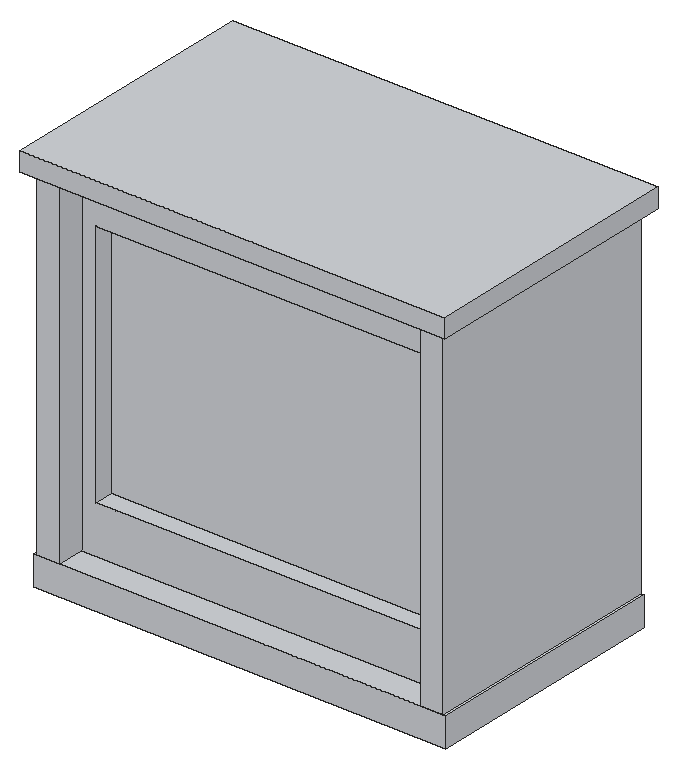
Revit family "H38VOBE", category Generic Models, Revit 2019
Family settings
  Can host rebar = No
  Round Connector Dimension = Use Diameter
  Part Type = Normal
  Work Plane-Based = No
  Always vertical = Yes
  Cut with Voids When Loaded = No
  Shared = No
  Room Calculation Point = No
Reference planes (in)
  plane 1 "Center (Front/Back)": y = 0
  plane 2: z = 0
  plane 3 "Center (Left/Right)": x = 0
Forms (in)
  Extrusion 1, solid
    sketch origin (0, 0, 0) x (1, 0, 0) y (0, 1, 0)
      loop
        line (-21.5, 12.875) -> (-21.5, -12.875) -> (21.5, -12.875) -> (21.5, 12.875) -> (-21.5, 12.875)
    from 0 to 3.0625
  Extrusion 2, solid
    sketch origin (0, 0, 0) x (1, 0, 0) y (0, 1, 0)
      loop
        line (21.1875, 12.875) -> (18.875, 12.875) -> (18.875, -12.875) -> (21.1875, -12.875) -> (21.1875, 12.875)
      loop
        line (-21.1875, 12.875) -> (-21.1875, -12.875) -> (-18.875, -12.875) -> (-18.875, 12.875) -> (-21.1875, 12.875)
    from 3.0625 to 39
  Extrusion 3, solid
    sketch origin (0, 0, 0) x (1, 0, 0) y (0, 1, 0)
      loop
        line (-22.2075, 13.875) -> (-22.2075, -13.875) -> (22.2075, -13.875) -> (22.2075, 13.875) -> (-22.2075, 13.875)
    from 41 to 39
  Extrusion 4, solid
    sketch origin (0, 0, 0) x (1, 0, 0) y (0, 0, 1)
      loop
        line (-18.875, 39) -> (-18.875, 3.0625) -> (18.875, 3.0625) -> (18.875, 39) -> (-18.875, 39)
      loop
        line (17.375, 8.0625) -> (17.375, 34) -> (-17.375, 34) -> (-17.375, 8.0625) -> (17.375, 8.0625)
    from -10 to 10
  Extrusion 5, solid
    sketch origin (0, 0, 0) x (1, 0, 0) y (0, 0, 1)
      loop
        line (17.375, 8.0625) -> (17.375, 34) -> (-17.375, 34) -> (-17.375, 8.0625) -> (17.375, 8.0625)
    from -8 to 8
Dimensions and locks (in)
  Extrusion 4 sketch curve to Extrusion 2 = 0' - 1 1/2"
  aligned and locked: plane 2 to level
